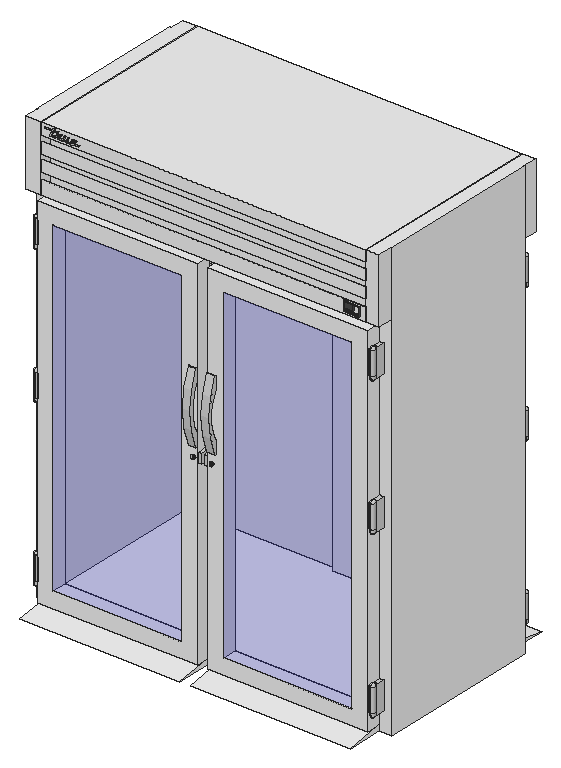
Revit family
Parameters
  Weight in Pounds = 0
  Watts = Volts * FL Amps  # 1092.5 W
  Volts = 115 V
  URL Cutsheet = "www.truemfg.com"
  URL = "www.truemfg.com"
  Type Mark [instance] = ""
  Type Comments = ""
  Status [instance] = ""
  Specification by User [instance] = ""
  Specification by Manufacturer = ""
  Show Logo [instance] = yes
  Show Clearance [instance] = yes
  Serial Number = ""
  Seismic Rating = ""
  SMACNA No = ""
  Revision Code [instance] = ""
  Phase = 1
  Omniclass Number and Title = ""
  Number of Poles [instance] = 1
  NAFEM Spec ID Number = ""
  Model = "STA2RRT-2G-2S"
  Min Ckt Ampacity = 0 A
  Max Overcurrent Protection = 0 A
  Masterspec = ""
  Manufacturer = "TRUE FOOD SERVICE EQUIPMENT, INC."
  Length = 68"
  Item Number [instance] = ""
  Installed By [instance] = ""
  Identify Quantity as Lot [instance] = yes
  Height = 83 3/4"
  HP = "1/2"
  Furnished By [instance] = ""
  Foodservice Equipment Identifier [instance] = yes
  FL Amps = 9.5 A
  Electrical Remarks [instance] = ""
  Electric Connection Type [instance] = ""
  Elec Conn RI Height [instance] = 0"
  Elec Conn Connection Height [instance] = 0"
  Description = "Roll-thru Glass Front/Solid Rear Swing Door Refrigerator"
  Depth = 37 1/2"
  Cycle = 60 Hz
  Conn Plug = "5-15P"
  Conn Conduit = yes
  CSI MasterFormat = ""
  CSI Master Format = ""
  Apparent Power = if(Phase = 3, Volts * FL Amps * 1.73, Volts * FL Amps)  # 1092.5 VA
Reference planes (in)
  plane 1 "BACK": y = 0
  plane 2: z = 0
  plane 3 "LEFT": x = 0
  plane 4 "RIGHT": x = 68
  plane 5 "FRONT": y = -37.5
  plane 6 "TOP": z = 83.75
  plane 7: x = 2.84375
  plane 8: y = -37.4542
  plane 9: x = 34
  plane 10: y = -0.0458
  plane 11: z = 69.90625
Forms (in)
  Extrusion 1, solid, material "QF_Finishes_Chrome - Satin"
    sketch origin (0.05, 0, 0) x (1, 0, 0) y (0, 1, 0)
      loop
        line (-0.05, -2.75) -> (-0.05, -34.75) -> (2.87859, -34.75) -> (2.87859, -2.75) -> (-0.05, -2.75)
    from 0 to 83.75
  Extrusion 2, solid, material "QF_Finishes_Chrome - Satin"
    sketch origin (50.15, 0, 0) x (1, 0, 0) y (0, 1, 0)
      loop
        line (15.15, -2.75) -> (15.15, -34.75) -> (17.85, -34.75) -> (17.85, -2.75) -> (15.15, -2.75)
    from 0 to 83.75
  Extrusion 3, solid, material "QF_Finishes_Chrome - Satin"
    sketch origin (0, 0, 0) x (0, 1, 0) y (0, 0, 1)
      loop
        line (-37.4542, 71.28125) -> (-34.75, 71.28125) -> (-34.75, 68.90625) -> (-2.75, 68.90625) -> (-2.75, 71.28125) -> (-0.0458, 71.28125) -> (-0.0458, 73.94226) -> (-2.25, 72.375) -> (-2.25, 73.65057) -> (-0.0458, 75.21784) -> (-0.0458, 77.31404) -> (-2.25, 75.74678) -> (-2.25, 76.70754) -> (-0.0458, 78.2748) -> (-0.0458, 80.40851) -> (-2.25, 78.84125) -> (-2.25, 79.96352) -> (-0.0458, 81.53078) -> (-0.0458, 83.75) -> (-37.4542, 83.75) -> (-37.4542, 81.53078) -> (-35.25, 79.96352) -> (-35.25, 78.84125) -> (-37.4542, 80.40851) -> (-37.4542, 78.2748) -> (-35.25, 76.70754) -> (-35.25, 75.74678) -> (-37.4542, 77.31404) -> (-37.4542, 75.21784) -> (-35.25, 73.65057) -> (-35.25, 72.375) -> (-37.4542, 73.94226) -> (-37.4542, 71.28125)
      loop
        line (-34.75, 0) -> (-2.75, 0) -> (-2.75, 2) -> (-34.75, 2) -> (-34.75, 0)
    from 2.92859 to 65.3
  Extrusion 4, solid, material "QF_Finishes_Chrome - Satin"
    sketch origin (0, 0, 0) x (1, 0, 0) y (0, 1, 0)
      loop
        line (67.84782, -34.75) -> (65.3, -34.75) -> (65.3, -37.5) -> (67.84782, -37.5) -> (67.84782, -34.75)
      loop
        line (67.84782, -2.75) -> (67.84782, 0) -> (65.3, 0) -> (65.3, -2.75) -> (67.84782, -2.75)
    from 71.28125 to 83.75
  Extrusion 5, solid, material "QF_Finishes_Chrome - Satin"
    sketch origin (-50.125, 0, 0.25) x (1, 0, 0) y (0, 1, 0)
      loop
        line (53.05359, -34.75) -> (50.24109, -34.75) -> (50.24109, -37.5) -> (53.05359, -37.5) -> (53.05359, -34.75)
      loop
        line (53.05359, -2.75) -> (53.05359, 0) -> (50.24109, 0) -> (50.24109, -2.75) -> (53.05359, -2.75)
    from 71.03125 to 83.5
  Extrusion 6, solid, material "QF_Finishes_Handrails and Railings"
    sketch origin (9.34375, -3.83467, -3.5) x (1, 0, 0) y (0, 0, 1)
      loop
        circle (26.4375, 40.0625) r 0.35
      loop
        line (26.47265, 40.33635) -> (26.41715, 40.33635) -> (26.41715, 39.76895) -> (26.47265, 39.76895) -> (26.47265, 40.33635)
    from 33.5 to 33.83066
  Extrusion 7, solid, material "QF_Finishes_Handrails and Railings", visible <- "Show Logo"
    sketch origin (0.33478, -2.68623, 5.13015) x (1, 0, 0) y (0, 0, 1)
      loop
        line (3.46044, 78.08731) -> (3.35478, 77.86073) -> (4.76027, 77.86073)
        arc (4.76027, 77.86073) -> (4.78879, 77.81028) -> (4.76027, 77.75984) r 0.05887
        line (4.76027, 77.75984) -> (4.39369, 76.97372)
        arc (4.39369, 76.97372) -> (4.39051, 76.90091) -> (4.43975, 76.84717) r 0.09523
        line (4.43975, 76.84717) -> (5.33844, 76.84717)
        arc (5.33844, 76.84717) -> (5.45192, 76.88295) -> (5.52436, 76.97735) r 0.19785
        line (5.52436, 76.97735) -> (5.81285, 77.59601) -> (6.0779, 77.59601)
        arc (6.0779, 77.59601) -> (6.14744, 77.57043) -> (6.13737, 77.49703) r 0.05911
        line (6.13737, 77.49703) -> (5.89598, 76.97937)
        arc (5.89598, 76.97937) -> (5.89974, 76.8934) -> (5.97231, 76.84717) r 0.09318
        line (5.97231, 76.84717) -> (6.76198, 76.84717)
        arc (6.76198, 76.84717) -> (6.82249, 76.86919) -> (6.85468, 76.92495) r 0.09412
        arc (6.85468, 76.92495) -> (6.87746, 76.86995) -> (6.93246, 76.84717) r 0.07778
        line (6.93246, 76.84717) -> (7.43246, 76.84717)
        arc (7.43246, 76.84717) -> (7.49022, 76.86265) -> (7.53251, 76.90493) r 0.11552
        arc (7.53251, 76.90493) -> (7.55275, 76.85606) -> (7.60162, 76.83581) r 0.06912
        line (7.60162, 76.83581) -> (8.31225, 76.83581)
        arc (8.31225, 76.83581) -> (8.37034, 76.85988) -> (8.39441, 76.91797) r 0.08216
        arc (8.39441, 76.91797) -> (8.44767, 76.86472) -> (8.52042, 76.84522) r 0.14551
        line (8.52042, 76.84522) -> (9.85158, 76.84522) -> (9.99946, 77.10134) -> (8.65678, 77.10134)
        arc (8.65678, 77.10134) -> (8.61972, 77.12704) -> (8.61834, 77.17211) r 0.05009
        line (8.61834, 77.17211) -> (8.64157, 77.22192)
        arc (8.64157, 77.22192) -> (8.67723, 77.26864) -> (8.73327, 77.28635) r 0.09747
        line (8.73327, 77.28635) -> (9.16485, 77.28635)
        arc (9.16485, 77.28635) -> (9.258, 77.31131) -> (9.32619, 77.3795) r 0.1863
        line (9.32619, 77.3795) -> (9.45119, 77.59601)
        arc (9.45119, 77.59601) -> (9.45119, 77.71157) -> (9.35111, 77.76934) r 0.11556
        line (9.35111, 77.76934) -> (8.89562, 77.76934)
        arc (8.89562, 77.76934) -> (8.7795, 77.74962) -> (8.69849, 77.66412) r 0.18605
        line (8.69849, 77.66412) -> (8.48204, 77.19993)
        arc (8.48204, 77.19993) -> (8.41815, 77.11667) -> (8.31806, 77.08511) r 0.1745
        line (8.31806, 77.08511) -> (7.84559, 77.08511)
        arc (7.84559, 77.08511) -> (7.78903, 77.14684) -> (7.79268, 77.23048) r 0.10939
        line (7.79268, 77.23048) -> (8.04395, 77.76934) -> (7.88403, 77.76934) -> (7.61781, 77.19844)
        arc (7.61781, 77.19844) -> (7.56609, 77.13103) -> (7.48505, 77.10548) r 0.14128
        line (7.48505, 77.10548) -> (7.15925, 77.10548)
        arc (7.15925, 77.10548) -> (7.10419, 77.17723) -> (7.116, 77.26689) r 0.11816
        line (7.116, 77.26689) -> (7.3503, 77.76934) -> (7.18514, 77.76934) -> (6.91546, 77.191)
        arc (6.91546, 77.191) -> (6.85285, 77.12839) -> (6.76733, 77.10548) r 0.17104
        line (6.76733, 77.10548) -> (6.29555, 77.10548)
        arc (6.29555, 77.10548) -> (6.21082, 77.14499) -> (6.20267, 77.23813) r 0.0935
        line (6.20267, 77.23813) -> (6.35774, 77.57069) -> (6.57695, 77.57069)
        arc (6.57695, 77.57069) -> (6.61395, 77.68217) -> (6.69267, 77.76934) r 0.2857
        line (6.69267, 77.76934) -> (5.83605, 77.76934)
        arc (5.83605, 77.76934) -> (5.74086, 77.74824) -> (5.67498, 77.67635) r 0.16212
        line (5.67498, 77.67635) -> (5.44279, 77.17841)
        arc (5.44279, 77.17841) -> (5.3894, 77.12502) -> (5.31647, 77.10548) r 0.14586
        line (5.31647, 77.10548) -> (4.80506, 77.10548)
        arc (4.80506, 77.10548) -> (4.76514, 77.15942) -> (4.77274, 77.22609) r 0.09155
        line (4.77274, 77.22609) -> (5.11018, 77.86073) -> (5.96155, 77.86073) -> (6.06721, 78.08731) -> (5.21584, 78.08731) -> (5.32149, 78.31388) -> (5.01862, 78.31388) -> (4.91297, 78.08731) -> (3.46044, 78.08731)
      loop
        arc (8.83805, 77.56363) -> (8.80119, 77.55375) -> (8.7742, 77.52676) r 0.07373
        line (8.7742, 77.52676) -> (8.75229, 77.45936)
        arc (8.75229, 77.45936) -> (8.76245, 77.43483) -> (8.78699, 77.42466) r 0.0347
        line (8.78699, 77.42466) -> (9.15948, 77.42466)
        arc (9.15948, 77.42466) -> (9.18632, 77.43061) -> (9.20812, 77.44734) r 0.0635
        line (9.20812, 77.44734) -> (9.22624, 77.53122)
        arc (9.22624, 77.53122) -> (9.22091, 77.55368) -> (9.20009, 77.56363) r 0.02676
        line (9.20009, 77.56363) -> (8.83805, 77.56363)
    from 34.76797 to 34.83173
  Extrusion 8, solid, material "QF_Finishes_White"
    sketch origin (-22.74812, -2.7042, -7.90007) x (1, 0, 0) y (0, 0, 1)
      loop
        line (83.81732, 81.35727) -> (83.81732, 79.60996) -> (86.72357, 79.60996) -> (86.72357, 81.35727) -> (83.81732, 81.35727)
    from 34.75 to 34.76797
  Extrusion 9, solid, material "QF_Finishes_Black"
    sketch origin (-22.74812, -2.7042, -7.90007) x (1, 0, 0) y (0, 0, 1)
      loop
        line (86.78607, 81.41977) -> (83.75482, 81.41977) -> (83.75482, 79.54746) -> (86.78607, 79.54746) -> (86.78607, 81.41977)
      loop
        spline (83.95482, 79.87872) -> (83.96333, 79.86254) -> (83.98831, 79.84747) -> (84.02804, 79.83452) -> (84.07982, 79.82459) -> (84.14011, 79.81835) -> (84.20482, 79.81622) -> (84.26952, 79.81835) -> (84.32982, 79.82459) -> (84.38159, 79.83452) -> (84.42132, 79.84747) -> (84.4463, 79.86254) -> (84.45482, 79.87872)
        spline (84.45482, 79.87872) -> (84.4463, 79.89489) -> (84.42132, 79.90997) -> (84.38159, 79.92291) -> (84.32982, 79.93284) -> (84.26952, 79.93909) -> (84.20482, 79.94122) -> (84.14011, 79.93909) -> (84.07982, 79.93284) -> (84.02804, 79.92291) -> (83.98831, 79.90997) -> (83.96333, 79.89489) -> (83.95482, 79.87872)
      loop
        spline (84.65083, 79.87872) -> (84.65935, 79.86254) -> (84.68432, 79.84747) -> (84.72405, 79.83452) -> (84.77583, 79.82459) -> (84.83612, 79.81835) -> (84.90083, 79.81622) -> (84.96553, 79.81835) -> (85.02583, 79.82459) -> (85.07761, 79.83452) -> (85.11734, 79.84747) -> (85.14231, 79.86254) -> (85.15083, 79.87872)
        spline (85.15083, 79.87872) -> (85.14231, 79.89489) -> (85.11734, 79.90997) -> (85.07761, 79.92291) -> (85.02583, 79.93284) -> (84.96553, 79.93909) -> (84.90083, 79.94122) -> (84.83612, 79.93909) -> (84.77583, 79.93284) -> (84.72405, 79.92291) -> (84.68432, 79.90997) -> (84.65935, 79.89489) -> (84.65083, 79.87872)
      loop
        spline (85.40083, 79.87872) -> (85.40935, 79.86254) -> (85.43432, 79.84747) -> (85.47405, 79.83452) -> (85.52583, 79.82459) -> (85.58612, 79.81835) -> (85.65083, 79.81622) -> (85.71553, 79.81835) -> (85.77583, 79.82459) -> (85.82761, 79.83452) -> (85.86734, 79.84747) -> (85.89231, 79.86254) -> (85.90083, 79.87872)
        spline (85.90083, 79.87872) -> (85.89231, 79.89489) -> (85.86734, 79.90997) -> (85.82761, 79.92291) -> (85.77583, 79.93284) -> (85.71553, 79.93909) -> (85.65083, 79.94122) -> (85.58612, 79.93909) -> (85.52583, 79.93284) -> (85.47405, 79.92291) -> (85.43432, 79.90997) -> (85.40935, 79.89489) -> (85.40083, 79.87872)
      loop
        line (83.95481, 81.21978) -> (83.95481, 80.21978) -> (85.65433, 80.21978) -> (85.65433, 81.21978) -> (83.95481, 81.21978)
      loop
        line (86.72357, 81.35727) -> (83.81732, 81.35727) -> (83.81732, 79.60996) -> (86.72357, 79.60996) -> (86.72357, 81.35727)
      loop
        spline (86.15083, 79.87872) -> (86.15935, 79.86254) -> (86.18432, 79.84747) -> (86.22405, 79.83452) -> (86.27583, 79.82459) -> (86.33612, 79.81835) -> (86.40083, 79.81622) -> (86.46553, 79.81835) -> (86.52583, 79.82459) -> (86.57761, 79.83452) -> (86.61734, 79.84747) -> (86.64231, 79.86254) -> (86.65083, 79.87872)
        spline (86.65083, 79.87872) -> (86.64231, 79.89489) -> (86.61734, 79.90997) -> (86.57761, 79.92291) -> (86.52583, 79.93284) -> (86.46553, 79.93909) -> (86.40083, 79.94122) -> (86.33612, 79.93909) -> (86.27583, 79.93284) -> (86.22405, 79.92291) -> (86.18432, 79.90997) -> (86.15935, 79.89489) -> (86.15083, 79.87872)
    from 34.76797 to 34.80335
  Extrusion 10, solid
    sketch origin (-25.125, 0, 0) x (1, 0, 0) y (0, 0, 1)
      loop
        circle (89.875, 81.625) r 0.25
    from 0 to 0.0625
  Blend 11, solid, material "QF_Finishes_Handrails and Railings"
    base sketch origin (60.25, -3.75, -1.5) x (-1, 0, 0) y (0, 0, -1)
      loop
        line (25.25, -38.99169) -> (26, -38.99169) -> (26, -37.24169) -> (25.25, -37.24169) -> (25.25, -38.99169)
    top sketch origin (60.25, 0, -1.5) x (-1, 0, 0) y (0, 0, -1)
      loop
        line (26.18223, -36.6441) -> (25.25, -36.6441) -> (25.25, -39.42643) -> (26.18223, -39.42643) -> (26.18223, -36.6441)
    from 33.57883 to 34.75
  Extrusion 12, solid, material "QF_Finishes_Handrails and Railings"
    sketch origin (66.78125, 0, 2.75) x (0, 1, 0) y (0, 0, -1)
      loop
        line (-34.75, -64.17729) -> (-34.75, -58.86127) -> (-37, -58.86127) -> (-37, -59.57348) -> (-36.56497, -59.57348) -> (-36.56497, -63.97276)
        arc (-36.56497, -63.97276) -> (-36.50506, -64.11738) -> (-36.36044, -64.17729) r 0.20453
        line (-36.36044, -64.17729) -> (-34.75, -64.17729)
    from 0.17506 to 1
  Revolve 13, solid, material "QF_Finishes_Handrails and Railings"
    sketch origin (66.28125, 0, 2.75) x (0, 1, 0) y (0, 0, -1)
      loop
        line (-37.01563, -59.62689) -> (-37.42229, -59.62689) -> (-37.42229, -64.0986)
        arc (-37.42229, -64.0986) -> (-37.28722, -64.35057) -> (-37.01563, -64.43983) r 0.3848
        line (-37.01563, -64.43983) -> (-37.01563, -59.62689)
      loop
        line (-37.01563, -59.57348) -> (-37.01563, -58.67281)
        arc (-37.01563, -58.67281) -> (-37.28264, -58.75883) -> (-37.42229, -59.00212) r 0.38884
        line (-37.42229, -59.00212) -> (-37.42229, -59.57348) -> (-37.01563, -59.57348)
      axis (-37.01563, -58.67281) -> (-37.01563, -64.43983)
    angle from 0 to 360
  Extrusion 14, solid, material "QF_Finishes_Handrails and Railings"
    sketch origin (27.5, -3.82734, 2.7511) x (-1, 0, 0) y (0, 0, -1)
      loop
        line (-38.58509, -64.0986) -> (-38.1875, -64.0986) -> (-38.1875, -59.62579) -> (-38.58509, -59.62579) -> (-38.58509, -64.0986)
    from 32.81497 to 33.59495
  Extrusion 15, solid, material "QF_Finishes_Handrails and Railings"
    sketch origin (66.78125, 0, -24) x (0, 1, 0) y (0, 0, -1)
      loop
        line (-34.75, -64.55229) -> (-34.75, -59.23627) -> (-37, -59.23627) -> (-37, -59.94848) -> (-36.56497, -59.94848) -> (-36.56497, -64.34776)
        arc (-36.56497, -64.34776) -> (-36.50506, -64.49238) -> (-36.36044, -64.55229) r 0.20453
        line (-36.36044, -64.55229) -> (-34.75, -64.55229)
    from 0.17506 to 1
  Revolve 16, solid, material "QF_Finishes_Handrails and Railings"
    sketch origin (66.28125, 0, -24) x (0, 1, 0) y (0, 0, -1)
      loop
        line (-37.01563, -60.00189) -> (-37.42229, -60.00189) -> (-37.42229, -64.4736)
        arc (-37.42229, -64.4736) -> (-37.28722, -64.72557) -> (-37.01563, -64.81483) r 0.3848
        line (-37.01563, -64.81483) -> (-37.01563, -60.00189)
      loop
        line (-37.01563, -59.94848) -> (-37.01563, -59.04781)
        arc (-37.01563, -59.04781) -> (-37.28264, -59.13383) -> (-37.42229, -59.37712) r 0.38884
        line (-37.42229, -59.37712) -> (-37.42229, -59.94848) -> (-37.01563, -59.94848)
      axis (-37.01563, -59.04781) -> (-37.01563, -64.81483)
    angle from 0 to 360
  Extrusion 17, solid, material "QF_Finishes_Handrails and Railings"
    sketch origin (27.5, -3.82734, -23.9989) x (-1, 0, 0) y (0, 0, -1)
      loop
        line (-38.58509, -64.4736) -> (-38.1875, -64.4736) -> (-38.1875, -60.00079) -> (-38.58509, -60.00079) -> (-38.58509, -64.4736)
    from 32.81497 to 33.59495
  Extrusion 18, solid, material "QF_Finishes_Handrails and Railings"
    sketch origin (66.78125, 0, -55.5) x (0, 1, 0) y (0, 0, -1)
      loop
        line (-34.75, -64.55229) -> (-34.75, -59.23627) -> (-37, -59.23627) -> (-37, -59.94848) -> (-36.56497, -59.94848) -> (-36.56497, -64.34776)
        arc (-36.56497, -64.34776) -> (-36.50506, -64.49238) -> (-36.36044, -64.55229) r 0.20453
        line (-36.36044, -64.55229) -> (-34.75, -64.55229)
    from 0.17506 to 1
  Revolve 19, solid, material "QF_Finishes_Handrails and Railings"
    sketch origin (66.28125, 0, -55.5) x (0, 1, 0) y (0, 0, -1)
      loop
        line (-37.01563, -60.00189) -> (-37.42229, -60.00189) -> (-37.42229, -64.4736)
        arc (-37.42229, -64.4736) -> (-37.28722, -64.72557) -> (-37.01563, -64.81483) r 0.3848
        line (-37.01563, -64.81483) -> (-37.01563, -60.00189)
      loop
        line (-37.01563, -59.94848) -> (-37.01563, -59.04781)
        arc (-37.01563, -59.04781) -> (-37.28264, -59.13383) -> (-37.42229, -59.37712) r 0.38884
        line (-37.42229, -59.37712) -> (-37.42229, -59.94848) -> (-37.01563, -59.94848)
      axis (-37.01563, -59.04781) -> (-37.01563, -64.81483)
    angle from 0 to 360
  Extrusion 20, solid, material "QF_Finishes_Handrails and Railings"
    sketch origin (27.5, -3.82734, -55.4989) x (-1, 0, 0) y (0, 0, -1)
      loop
        line (-38.58509, -64.4736) -> (-38.1875, -64.4736) -> (-38.1875, -60.00079) -> (-38.58509, -60.00079) -> (-38.58509, -64.4736)
    from 32.81497 to 33.59495
  Extrusion 21, solid, material "QF_Finishes_Chrome - Satin"
    sketch origin (65.6875, -3.75, 8.03125) x (0, 0, 1) y (0, -1, 0)
      loop
        line (-8.03125, 37.875) -> (-8.03125, 31) -> (-7.03125, 31) -> (-8.03125, 37.875)
    from 0 to -30.6875
  Extrusion 22, solid, material "QF_Finishes_Chrome - Satin"
    sketch origin (59.96875, -3.75, -0.71875) x (-1, 0, 0) y (0, 0, -1)
      loop
        line (26.96875, -1.71875) -> (26.96875, -70.625) -> (57.65625, -70.625) -> (57.65625, -1.71875) -> (26.96875, -1.71875)
      loop
        line (29.96875, -67.625) -> (54.65625, -67.625) -> (54.65625, -4.71875) -> (29.96875, -4.71875) -> (29.96875, -67.625)
      loop
        line (24.96875, -1.71875) -> (-5.71875, -1.71875) -> (-5.71875, -70.625) -> (24.96875, -70.625) -> (24.96875, -1.71875)
      loop
        line (21.96875, -67.625) -> (21.96875, -4.71875) -> (-2.71875, -4.71875) -> (-2.71875, -67.625) -> (21.96875, -67.625)
    from 31 to 33.75
  Extrusion 23, solid, material "QF_Finishes_Handrails and Railings"
    sketch origin (43.83156, -0.25, 92.27893) x (0, 1, 0) y (0, 0, -1)
      loop
        line (-37.25, 53.875) -> (-37.45, 53.875)
        arc (-37.45, 53.875) -> (-38.89405, 47.075) -> (-37.45, 40.275) r 16.7325
        line (-37.45, 40.275) -> (-37.25, 40.275) -> (-37.25, 42.675)
        arc (-37.25, 42.675) -> (-38.40816, 47.075) -> (-37.25, 51.475) r 8.93715
        line (-37.25, 51.475) -> (-37.25, 53.875)
    from 10.87731 to 12.37731
  Extrusion 24, solid, material "QF_Finishes_Handrails and Railings"
    sketch origin (58.65625, -3.83467, -3.5) x (-1, 0, 0) y (0, 0, -1)
      loop
        circle (26.4375, -40.0625) r 0.35
      loop
        line (26.47265, -40.33635) -> (26.47265, -39.76895) -> (26.41715, -39.76895) -> (26.41715, -40.33635) -> (26.47265, -40.33635)
    from 33.5 to 33.83066
  Blend 25, solid, material "QF_Finishes_Handrails and Railings"
    base sketch origin (7.75, -3.75, -1.5) x (1, 0, 0) y (0, 0, 1)
      loop
        line (25.25, 38.99169) -> (25.25, 37.24169) -> (26, 37.24169) -> (26, 38.99169) -> (25.25, 38.99169)
    top sketch origin (7.75, 0, -1.5) x (1, 0, 0) y (0, 0, 1)
      loop
        line (26.18223, 36.6441) -> (26.18223, 39.42643) -> (25.25, 39.42643) -> (25.25, 36.6441) -> (26.18223, 36.6441)
    from 33.57883 to 34.75
  Extrusion 26, solid, material "QF_Finishes_Handrails and Railings"
    sketch origin (1.21875, 0, 2.75) x (0, 1, 0) y (0, 0, 1)
      loop
        line (-34.75, 64.17729) -> (-36.36044, 64.17729)
        arc (-36.36044, 64.17729) -> (-36.50506, 64.11738) -> (-36.56497, 63.97276) r 0.20453
        line (-36.56497, 63.97276) -> (-36.56497, 59.57348) -> (-37, 59.57348) -> (-37, 58.86127) -> (-34.75, 58.86127) -> (-34.75, 64.17729)
    from 0.17506 to 1
  Revolve 27, solid, material "QF_Finishes_Handrails and Railings"
    sketch origin (1.71875, 0, 2.75) x (0, 1, 0) y (0, 0, 1)
      loop
        line (-37.01563, 59.62689) -> (-37.01563, 64.43983)
        arc (-37.01563, 64.43983) -> (-37.28722, 64.35057) -> (-37.42229, 64.0986) r 0.3848
        line (-37.42229, 64.0986) -> (-37.42229, 59.62689) -> (-37.01563, 59.62689)
      loop
        line (-37.01563, 59.57348) -> (-37.42229, 59.57348) -> (-37.42229, 59.00212)
        arc (-37.42229, 59.00212) -> (-37.28264, 58.75883) -> (-37.01563, 58.67281) r 0.38884
        line (-37.01563, 58.67281) -> (-37.01563, 59.57348)
      axis (-37.01563, 58.67281) -> (-37.01563, 64.43983)
    angle from 0 to 360
  Extrusion 28, solid, material "QF_Finishes_Handrails and Railings"
    sketch origin (40.5, -3.82734, 2.7511) x (1, 0, 0) y (0, 0, 1)
      loop
        line (-38.58509, 64.0986) -> (-38.58509, 59.62579) -> (-38.1875, 59.62579) -> (-38.1875, 64.0986) -> (-38.58509, 64.0986)
    from 32.81497 to 33.59495
  Extrusion 29, solid, material "QF_Finishes_Handrails and Railings"
    sketch origin (1.21875, 0, -24) x (0, 1, 0) y (0, 0, 1)
      loop
        line (-34.75, 64.55229) -> (-36.36044, 64.55229)
        arc (-36.36044, 64.55229) -> (-36.50506, 64.49238) -> (-36.56497, 64.34776) r 0.20453
        line (-36.56497, 64.34776) -> (-36.56497, 59.94848) -> (-37, 59.94848) -> (-37, 59.23627) -> (-34.75, 59.23627) -> (-34.75, 64.55229)
    from 0.17506 to 1
  Revolve 30, solid, material "QF_Finishes_Handrails and Railings"
    sketch origin (1.71875, 0, -24) x (0, 1, 0) y (0, 0, 1)
      loop
        line (-37.01563, 60.00189) -> (-37.01563, 64.81483)
        arc (-37.01563, 64.81483) -> (-37.28722, 64.72557) -> (-37.42229, 64.4736) r 0.3848
        line (-37.42229, 64.4736) -> (-37.42229, 60.00189) -> (-37.01563, 60.00189)
      loop
        line (-37.01563, 59.94848) -> (-37.42229, 59.94848) -> (-37.42229, 59.37712)
        arc (-37.42229, 59.37712) -> (-37.28264, 59.13383) -> (-37.01563, 59.04781) r 0.38884
        line (-37.01563, 59.04781) -> (-37.01563, 59.94848)
      axis (-37.01563, 59.04781) -> (-37.01563, 64.81483)
    angle from 0 to 360
  Extrusion 31, solid, material "QF_Finishes_Handrails and Railings"
    sketch origin (40.5, -3.82734, -23.9989) x (1, 0, 0) y (0, 0, 1)
      loop
        line (-38.58509, 64.4736) -> (-38.58509, 60.00079) -> (-38.1875, 60.00079) -> (-38.1875, 64.4736) -> (-38.58509, 64.4736)
    from 32.81497 to 33.59495
  Extrusion 32, solid, material "QF_Finishes_Handrails and Railings"
    sketch origin (1.21875, 0, -55.5) x (0, 1, 0) y (0, 0, 1)
      loop
        line (-34.75, 64.55229) -> (-36.36044, 64.55229)
        arc (-36.36044, 64.55229) -> (-36.50506, 64.49238) -> (-36.56497, 64.34776) r 0.20453
        line (-36.56497, 64.34776) -> (-36.56497, 59.94848) -> (-37, 59.94848) -> (-37, 59.23627) -> (-34.75, 59.23627) -> (-34.75, 64.55229)
    from 0.17506 to 1
  Revolve 33, solid, material "QF_Finishes_Handrails and Railings"
    sketch origin (1.71875, 0, -55.5) x (0, 1, 0) y (0, 0, 1)
      loop
        line (-37.01563, 60.00189) -> (-37.01563, 64.81483)
        arc (-37.01563, 64.81483) -> (-37.28722, 64.72557) -> (-37.42229, 64.4736) r 0.3848
        line (-37.42229, 64.4736) -> (-37.42229, 60.00189) -> (-37.01563, 60.00189)
      loop
        line (-37.01563, 59.94848) -> (-37.42229, 59.94848) -> (-37.42229, 59.37712)
        arc (-37.42229, 59.37712) -> (-37.28264, 59.13383) -> (-37.01563, 59.04781) r 0.38884
        line (-37.01563, 59.04781) -> (-37.01563, 59.94848)
      axis (-37.01563, 59.04781) -> (-37.01563, 64.81483)
    angle from 0 to 360
  Extrusion 34, solid, material "QF_Finishes_Handrails and Railings"
    sketch origin (40.5, -3.82734, -55.4989) x (1, 0, 0) y (0, 0, 1)
      loop
        line (-38.58509, 64.4736) -> (-38.58509, 60.00079) -> (-38.1875, 60.00079) -> (-38.1875, 64.4736) -> (-38.58509, 64.4736)
    from 32.81497 to 33.59495
  Extrusion 35, solid, material "QF_Finishes_Chrome - Satin"
    sketch origin (2.3125, -3.75, 8.03125) x (0, 0, 1) y (0, 1, 0)
      loop
        line (-8.03125, -37.875) -> (-7.03125, -31) -> (-8.03125, -31) -> (-8.03125, -37.875)
    from 0 to -30.6875
  Extrusion 36, solid, material "QF_Finishes_Door Clearance", visible <- "Show Clearance", detail levels coarse
    sketch origin (32.71875, -3.75, 1) x (0, 1, 0) y (1, 0, 0)
      loop
        line (-33.75, -30.40625) -> (-33.75, 0.28125)
        arc (-33.75, 0.28125) -> (-55.44934, -8.70691) -> (-64.4375, -30.40625) r 30.6875
        line (-64.4375, -30.40625) -> (-33.75, -30.40625)
      loop
        line (-33.75, 32.96875) -> (-64.4375, 32.96875)
        arc (-64.4375, 32.96875) -> (-55.44934, 11.26941) -> (-33.75, 2.28125) r 30.6875
        line (-33.75, 2.28125) -> (-33.75, 32.96875)
    from 0 to -68.90625
  Extrusion 37, solid, material "QF_Finishes_Chrome - Satin"
    sketch origin (8.03125, -33.75, -0.71875) x (1, 0, 0) y (0, 0, -1)
      loop
        line (26.96875, -1.71875) -> (26.96875, -70.625) -> (57.65625, -70.625) -> (57.65625, -1.71875) -> (26.96875, -1.71875)
    from 31 to 33.75
  Extrusion 38, solid, material "QF_Finishes_Handrails and Railings"
    sketch origin (91.34375, -37.25, 24.93519) x (-1, 0, 0) y (0, -1, 0)
      loop
        line (53.875, -37.25) -> (51.475, -37.25)
        arc (51.475, -37.25) -> (47.075, -38.40816) -> (42.675, -37.25) r 8.93715
        line (42.675, -37.25) -> (40.275, -37.25) -> (40.275, -37.45)
        arc (40.275, -37.45) -> (47.075, -38.89405) -> (53.875, -37.45) r 16.7325
        line (53.875, -37.45) -> (53.875, -37.25)
    from 10.87731 to 12.37731
  Extrusion 39, solid, material "QF_Finishes_Handrails and Railings"
    sketch origin (9.34375, -33.66533, -3.5) x (1, 0, 0) y (0, 0, -1)
      loop
        circle (26.4375, -40.0625) r 0.35
      loop
        line (26.47265, -40.33635) -> (26.47265, -39.76895) -> (26.41715, -39.76895) -> (26.41715, -40.33635) -> (26.47265, -40.33635)
    from 33.5 to 33.83066
  Blend 40, solid, material "QF_Finishes_Handrails and Railings"
    base sketch origin (60.25, -33.75, -1.5) x (-1, 0, 0) y (0, 0, 1)
      loop
        line (25.25, 38.99169) -> (25.25, 37.24169) -> (26, 37.24169) -> (26, 38.99169) -> (25.25, 38.99169)
    top sketch origin (60.25, -37.5, -1.5) x (-1, 0, 0) y (0, 0, 1)
      loop
        line (26.18223, 36.6441) -> (26.18223, 39.42643) -> (25.25, 39.42643) -> (25.25, 36.6441) -> (26.18223, 36.6441)
    from 33.57883 to 34.75
  Extrusion 41, solid, material "QF_Finishes_Handrails and Railings"
    sketch origin (66.78125, -37.5, 2.75) x (0, -1, 0) y (0, 0, 1)
      loop
        line (-34.75, 64.17729) -> (-36.36044, 64.17729)
        arc (-36.36044, 64.17729) -> (-36.50506, 64.11738) -> (-36.56497, 63.97276) r 0.20453
        line (-36.56497, 63.97276) -> (-36.56497, 59.57348) -> (-37, 59.57348) -> (-37, 58.86127) -> (-34.75, 58.86127) -> (-34.75, 64.17729)
    from 0.17506 to 1
  Revolve 42, solid, material "QF_Finishes_Handrails and Railings"
    sketch origin (66.28125, -37.5, 2.75) x (0, -1, 0) y (0, 0, 1)
      loop
        line (-37.01563, 59.62689) -> (-37.01563, 64.43983)
        arc (-37.01563, 64.43983) -> (-37.28722, 64.35057) -> (-37.42229, 64.0986) r 0.3848
        line (-37.42229, 64.0986) -> (-37.42229, 59.62689) -> (-37.01563, 59.62689)
      loop
        line (-37.01563, 59.57348) -> (-37.42229, 59.57348) -> (-37.42229, 59.00212)
        arc (-37.42229, 59.00212) -> (-37.28264, 58.75883) -> (-37.01563, 58.67281) r 0.38884
        line (-37.01563, 58.67281) -> (-37.01563, 59.57348)
      axis (-37.01563, 58.67281) -> (-37.01563, 64.43983)
    angle from 0 to 360
  Extrusion 43, solid, material "QF_Finishes_Handrails and Railings"
    sketch origin (27.5, -33.67266, 2.7511) x (-1, 0, 0) y (0, 0, 1)
      loop
        line (-38.58509, 64.0986) -> (-38.58509, 59.62579) -> (-38.1875, 59.62579) -> (-38.1875, 64.0986) -> (-38.58509, 64.0986)
    from 32.81497 to 33.59495
  Extrusion 44, solid, material "QF_Finishes_Handrails and Railings"
    sketch origin (66.78125, -37.5, -24) x (0, -1, 0) y (0, 0, 1)
      loop
        line (-34.75, 64.55229) -> (-36.36044, 64.55229)
        arc (-36.36044, 64.55229) -> (-36.50506, 64.49238) -> (-36.56497, 64.34776) r 0.20453
        line (-36.56497, 64.34776) -> (-36.56497, 59.94848) -> (-37, 59.94848) -> (-37, 59.23627) -> (-34.75, 59.23627) -> (-34.75, 64.55229)
    from 0.17506 to 1
  Revolve 45, solid, material "QF_Finishes_Handrails and Railings"
    sketch origin (66.28125, -37.5, -24) x (0, -1, 0) y (0, 0, 1)
      loop
        line (-37.01563, 60.00189) -> (-37.01563, 64.81483)
        arc (-37.01563, 64.81483) -> (-37.28722, 64.72557) -> (-37.42229, 64.4736) r 0.3848
        line (-37.42229, 64.4736) -> (-37.42229, 60.00189) -> (-37.01563, 60.00189)
      loop
        line (-37.01563, 59.94848) -> (-37.42229, 59.94848) -> (-37.42229, 59.37712)
        arc (-37.42229, 59.37712) -> (-37.28264, 59.13383) -> (-37.01563, 59.04781) r 0.38884
        line (-37.01563, 59.04781) -> (-37.01563, 59.94848)
      axis (-37.01563, 59.04781) -> (-37.01563, 64.81483)
    angle from 0 to 360
  Extrusion 46, solid, material "QF_Finishes_Handrails and Railings"
    sketch origin (27.5, -33.67266, -23.9989) x (-1, 0, 0) y (0, 0, 1)
      loop
        line (-38.58509, 64.4736) -> (-38.58509, 60.00079) -> (-38.1875, 60.00079) -> (-38.1875, 64.4736) -> (-38.58509, 64.4736)
    from 32.81497 to 33.59495
  Extrusion 47, solid, material "QF_Finishes_Handrails and Railings"
    sketch origin (66.78125, -37.5, -55.5) x (0, -1, 0) y (0, 0, 1)
      loop
        line (-34.75, 64.55229) -> (-36.36044, 64.55229)
        arc (-36.36044, 64.55229) -> (-36.50506, 64.49238) -> (-36.56497, 64.34776) r 0.20453
        line (-36.56497, 64.34776) -> (-36.56497, 59.94848) -> (-37, 59.94848) -> (-37, 59.23627) -> (-34.75, 59.23627) -> (-34.75, 64.55229)
    from 0.17506 to 1
  Revolve 48, solid, material "QF_Finishes_Handrails and Railings"
    sketch origin (66.28125, -37.5, -55.5) x (0, -1, 0) y (0, 0, 1)
      loop
        line (-37.01563, 60.00189) -> (-37.01563, 64.81483)
        arc (-37.01563, 64.81483) -> (-37.28722, 64.72557) -> (-37.42229, 64.4736) r 0.3848
        line (-37.42229, 64.4736) -> (-37.42229, 60.00189) -> (-37.01563, 60.00189)
      loop
        line (-37.01563, 59.94848) -> (-37.42229, 59.94848) -> (-37.42229, 59.37712)
        arc (-37.42229, 59.37712) -> (-37.28264, 59.13383) -> (-37.01563, 59.04781) r 0.38884
        line (-37.01563, 59.04781) -> (-37.01563, 59.94848)
      axis (-37.01563, 59.04781) -> (-37.01563, 64.81483)
    angle from 0 to 360
  Extrusion 49, solid, material "QF_Finishes_Handrails and Railings"
    sketch origin (27.5, -33.67266, -55.4989) x (-1, 0, 0) y (0, 0, 1)
      loop
        line (-38.58509, 64.4736) -> (-38.58509, 60.00079) -> (-38.1875, 60.00079) -> (-38.1875, 64.4736) -> (-38.58509, 64.4736)
    from 32.81497 to 33.59495
  Extrusion 50, solid, material "QF_Finishes_Chrome - Satin"
    sketch origin (65.6875, -33.75, 8.03125) x (0, 0, 1) y (0, -1, 0)
      loop
        line (-8.03125, -37.875) -> (-7.03125, -31) -> (-8.03125, -31) -> (-8.03125, -37.875)
    from 0 to -30.6875
  Extrusion 51, solid, material "QF_Finishes_Chrome - Satin"
    sketch origin (59.96875, -33.75, -0.71875) x (-1, 0, 0) y (0, 0, 1)
      loop
        line (26.96875, 1.71875) -> (57.65625, 1.71875) -> (57.65625, 70.625) -> (26.96875, 70.625) -> (26.96875, 1.71875)
    from 31 to 33.75
  Extrusion 52, solid, material "QF_Finishes_Handrails and Railings"
    sketch origin (-23.34375, -37.25, 24.93519) x (-1, 0, 0) y (0, -1, 0)
      loop
        line (-53.875, -37.25) -> (-53.875, -37.45)
        arc (-53.875, -37.45) -> (-47.075, -38.89405) -> (-40.275, -37.45) r 16.7325
        line (-40.275, -37.45) -> (-40.275, -37.25) -> (-42.675, -37.25)
        arc (-42.675, -37.25) -> (-47.075, -38.40816) -> (-51.475, -37.25) r 8.93715
        line (-51.475, -37.25) -> (-53.875, -37.25)
    from 10.87731 to 12.37731
  Extrusion 53, solid, material "QF_Finishes_Handrails and Railings"
    sketch origin (58.65625, -33.66533, -3.5) x (-1, 0, 0) y (0, 0, 1)
      loop
        circle (26.4375, 40.0625) r 0.35
      loop
        line (26.47265, 40.33635) -> (26.41715, 40.33635) -> (26.41715, 39.76895) -> (26.47265, 39.76895) -> (26.47265, 40.33635)
    from 33.5 to 33.83066
  Blend 54, solid, material "QF_Finishes_Handrails and Railings"
    base sketch origin (7.75, -33.75, -1.5) x (1, 0, 0) y (0, 0, -1)
      loop
        line (25.25, -38.99169) -> (26, -38.99169) -> (26, -37.24169) -> (25.25, -37.24169) -> (25.25, -38.99169)
    top sketch origin (7.75, -37.5, -1.5) x (1, 0, 0) y (0, 0, -1)
      loop
        line (26.18223, -36.6441) -> (25.25, -36.6441) -> (25.25, -39.42643) -> (26.18223, -39.42643) -> (26.18223, -36.6441)
    from 33.57883 to 34.75
  Extrusion 55, solid, material "QF_Finishes_Handrails and Railings"
    sketch origin (1.21875, -37.5, 2.75) x (0, -1, 0) y (0, 0, -1)
      loop
        line (-34.75, -64.17729) -> (-34.75, -58.86127) -> (-37, -58.86127) -> (-37, -59.57348) -> (-36.56497, -59.57348) -> (-36.56497, -63.97276)
        arc (-36.56497, -63.97276) -> (-36.50506, -64.11738) -> (-36.36044, -64.17729) r 0.20453
        line (-36.36044, -64.17729) -> (-34.75, -64.17729)
    from 0.17506 to 1
  Revolve 56, solid, material "QF_Finishes_Handrails and Railings"
    sketch origin (1.71875, -37.5, 2.75) x (0, -1, 0) y (0, 0, -1)
      loop
        line (-37.01563, -59.62689) -> (-37.42229, -59.62689) -> (-37.42229, -64.0986)
        arc (-37.42229, -64.0986) -> (-37.28722, -64.35057) -> (-37.01563, -64.43983) r 0.3848
        line (-37.01563, -64.43983) -> (-37.01563, -59.62689)
      loop
        line (-37.01563, -59.57348) -> (-37.01563, -58.67281)
        arc (-37.01563, -58.67281) -> (-37.28264, -58.75883) -> (-37.42229, -59.00212) r 0.38884
        line (-37.42229, -59.00212) -> (-37.42229, -59.57348) -> (-37.01563, -59.57348)
      axis (-37.01563, -58.67281) -> (-37.01563, -64.43983)
    angle from 0 to 360
  Extrusion 57, solid, material "QF_Finishes_Handrails and Railings"
    sketch origin (40.5, -33.67266, 2.7511) x (1, 0, 0) y (0, 0, -1)
      loop
        line (-38.58509, -64.0986) -> (-38.1875, -64.0986) -> (-38.1875, -59.62579) -> (-38.58509, -59.62579) -> (-38.58509, -64.0986)
    from 32.81497 to 33.59495
  Extrusion 58, solid, material "QF_Finishes_Handrails and Railings"
    sketch origin (1.21875, -37.5, -24) x (0, -1, 0) y (0, 0, -1)
      loop
        line (-34.75, -64.55229) -> (-34.75, -59.23627) -> (-37, -59.23627) -> (-37, -59.94848) -> (-36.56497, -59.94848) -> (-36.56497, -64.34776)
        arc (-36.56497, -64.34776) -> (-36.50506, -64.49238) -> (-36.36044, -64.55229) r 0.20453
        line (-36.36044, -64.55229) -> (-34.75, -64.55229)
    from 0.17506 to 1
  Revolve 59, solid, material "QF_Finishes_Handrails and Railings"
    sketch origin (1.71875, -37.5, -24) x (0, -1, 0) y (0, 0, -1)
      loop
        line (-37.01563, -60.00189) -> (-37.42229, -60.00189) -> (-37.42229, -64.4736)
        arc (-37.42229, -64.4736) -> (-37.28722, -64.72557) -> (-37.01563, -64.81483) r 0.3848
        line (-37.01563, -64.81483) -> (-37.01563, -60.00189)
      loop
        line (-37.01563, -59.94848) -> (-37.01563, -59.04781)
        arc (-37.01563, -59.04781) -> (-37.28264, -59.13383) -> (-37.42229, -59.37712) r 0.38884
        line (-37.42229, -59.37712) -> (-37.42229, -59.94848) -> (-37.01563, -59.94848)
      axis (-37.01563, -59.04781) -> (-37.01563, -64.81483)
    angle from 0 to 360
  Extrusion 60, solid, material "QF_Finishes_Handrails and Railings"
    sketch origin (40.5, -33.67266, -23.9989) x (1, 0, 0) y (0, 0, -1)
      loop
        line (-38.58509, -64.4736) -> (-38.1875, -64.4736) -> (-38.1875, -60.00079) -> (-38.58509, -60.00079) -> (-38.58509, -64.4736)
    from 32.81497 to 33.59495
  Extrusion 61, solid, material "QF_Finishes_Handrails and Railings"
    sketch origin (1.21875, -37.5, -55.5) x (0, -1, 0) y (0, 0, -1)
      loop
        line (-34.75, -64.55229) -> (-34.75, -59.23627) -> (-37, -59.23627) -> (-37, -59.94848) -> (-36.56497, -59.94848) -> (-36.56497, -64.34776)
        arc (-36.56497, -64.34776) -> (-36.50506, -64.49238) -> (-36.36044, -64.55229) r 0.20453
        line (-36.36044, -64.55229) -> (-34.75, -64.55229)
    from 0.17506 to 1
  Revolve 62, solid, material "QF_Finishes_Handrails and Railings"
    sketch origin (1.71875, -37.5, -55.5) x (0, -1, 0) y (0, 0, -1)
      loop
        line (-37.01563, -60.00189) -> (-37.42229, -60.00189) -> (-37.42229, -64.4736)
        arc (-37.42229, -64.4736) -> (-37.28722, -64.72557) -> (-37.01563, -64.81483) r 0.3848
        line (-37.01563, -64.81483) -> (-37.01563, -60.00189)
      loop
        line (-37.01563, -59.94848) -> (-37.01563, -59.04781)
        arc (-37.01563, -59.04781) -> (-37.28264, -59.13383) -> (-37.42229, -59.37712) r 0.38884
        line (-37.42229, -59.37712) -> (-37.42229, -59.94848) -> (-37.01563, -59.94848)
      axis (-37.01563, -59.04781) -> (-37.01563, -64.81483)
    angle from 0 to 360
  Extrusion 63, solid, material "QF_Finishes_Handrails and Railings"
    sketch origin (40.5, -33.67266, -55.4989) x (1, 0, 0) y (0, 0, -1)
      loop
        line (-38.58509, -64.4736) -> (-38.1875, -64.4736) -> (-38.1875, -60.00079) -> (-38.58509, -60.00079) -> (-38.58509, -64.4736)
    from 32.81497 to 33.59495
  Extrusion 64, solid, material "QF_Finishes_Chrome - Satin"
    sketch origin (2.3125, -33.75, 8.03125) x (0, 0, 1) y (0, 1, 0)
      loop
        line (-8.03125, 37.875) -> (-8.03125, 31) -> (-7.03125, 31) -> (-8.03125, 37.875)
    from 0 to -30.6875
  Extrusion 65, solid, material "QF_Finishes_Door Clearance", visible <- "Show Clearance", detail levels coarse
    sketch origin (32.71875, -33.75, 1) x (0, 1, 0) y (1, 0, 0)
      loop
        line (33.75, -30.40625) -> (64.4375, -30.40625)
        arc (64.4375, -30.40625) -> (55.44934, -8.70691) -> (33.75, 0.28125) r 30.6875
        line (33.75, 0.28125) -> (33.75, -30.40625)
      loop
        line (33.75, 32.96875) -> (33.75, 2.28125)
        arc (33.75, 2.28125) -> (55.44934, 11.26941) -> (64.4375, 32.96875) r 30.6875
        line (64.4375, 32.96875) -> (33.75, 32.96875)
    from 0 to -68.90625
  Extrusion 66, solid, material "Glass"
    sketch origin (59.96875, -3.75, -0.71875) x (-1, 0, 0) y (0, 0, -1)
      loop
        line (29.96875, -67.625) -> (54.65625, -67.625) -> (54.65625, -4.71875) -> (29.96875, -4.71875) -> (29.96875, -67.625)
      loop
        line (21.96875, -67.625) -> (21.96875, -4.71875) -> (-2.71875, -4.71875) -> (-2.71875, -67.625) -> (21.96875, -67.625)
    from 31 to 33.75
  Extrusion 67, solid, material "QF_Finishes_Handrails and Railings"
    sketch origin (24.16844, -0.25, 92.27893) x (0, 1, 0) y (0, 0, 1)
      loop
        line (-37.25, -53.875) -> (-37.25, -51.475)
        arc (-37.25, -51.475) -> (-38.40816, -47.075) -> (-37.25, -42.675) r 8.93715
        line (-37.25, -42.675) -> (-37.25, -40.275) -> (-37.45, -40.275)
        arc (-37.45, -40.275) -> (-38.89405, -47.075) -> (-37.45, -53.875) r 16.7325
        line (-37.45, -53.875) -> (-37.25, -53.875)
    from 10.87731 to 12.37731
  Extrusion 68, solid, material "QF_Finishes_Chrome - Satin"
    sketch origin (0, -37.5, 2) x (0, 1, 0) y (-1, 0, 0)
      loop
        line (3.75, -32) -> (2.75, -32) -> (2.75, -36) -> (3.75, -36) -> (3.75, -32)
      loop
        line (33.75, -32) -> (33.75, -36) -> (34.75, -36) -> (34.75, -32) -> (33.75, -32)
    from 0 to 66.90625
Cuts and joins
  joined: Extrusion 1, Extrusion 2, Extrusion 4, Extrusion 5
Lines and regions (in)
  symbolic lines
    curve 1: line (0, 0, 0) -> (68, 0, 0)
    curve 2: line (0, -37.5, 0) -> (0, 0, 0)
    curve 3: line (68, -37.5, 0) -> (0, -37.5, 0)
    curve 4: line (68, 0, 0) -> (68, -37.5, 0)
    curve 5: line (68, -35.25, 0) -> (0, -35.25, 0)
    curve 10: arc (28.13125, 0, 0) -> (23.73125, 1.15816, 0) -> (19.33125, 0, 0) r 8.93715
    curve 11: arc (16.93125, 0.2, 0) -> (23.73125, 1.64405, 0) -> (30.53125, 0.2, 0) r 16.7325
    curve 12: line (16.93125, 0, 0) -> (16.93125, 0.2, 0)
    curve 13: line (30.53125, 0.2, 0) -> (30.53125, 0, 0)
    curve 14: arc (48.66875, 0, 0) -> (44.26875, 1.15816, 0) -> (39.86875, 0, 0) r 8.93715
    curve 15: arc (37.46875, 0.2, 0) -> (44.26875, 1.64405, 0) -> (51.06875, 0.2, 0) r 16.7325
    curve 16: line (37.46875, 0, 0) -> (37.46875, 0.2, 0)
    curve 17: line (51.06875, 0.2, 0) -> (51.06875, 0, 0)
    curve 22: line (68, -2.25, 0) -> (0, -2.25, 0)
    curve 23: line (31.45425, -39.14405, 0) -> (31.45425, -37.5, 0)
    curve 24: line (32.95425, -37.5, 0) -> (32.95425, -39.14405, 0)
    curve 25: line (31.45425, -39.14405, 0) -> (32.95425, -39.14405, 0)
    curve 26: line (36.54575, -39.14405, 0) -> (36.54575, -37.5, 0)
    curve 27: line (35.04575, -37.5, 0) -> (35.04575, -39.14405, 0)
    curve 28: line (36.54575, -39.14405, 0) -> (35.04575, -39.14405, 0)
  symbolic lines, style "QF_Door Swings", visible <- "Show Clearance", detail levels coarse
    curve 6: line (2.3125, -37.5, 0) -> (2.3125, -68.1875, 0)
    curve 7: arc (33, -37.5, 0) -> (24.01184, -59.19934, 0) -> (2.3125, -68.1875, 0) r 30.6875
    curve 8: arc (65.6875, -68.1875, 0) -> (43.98816, -59.19934, 0) -> (35, -37.5, 0) r 30.6875
    curve 9: line (65.6875, -68.1875, 0) -> (65.6875, -37.5, 0)
    curve 18: line (2.3125, 0, 0) -> (2.3125, 30.6875, 0)
    curve 19: arc (33, 0, 0) -> (24.01184, 21.69934, 0) -> (2.3125, 30.6875, 0) r 30.6875
    curve 20: arc (65.6875, 30.6875, 0) -> (43.98816, 21.69934, 0) -> (35, 0, 0) r 30.6875
    curve 21: line (65.6875, 30.6875, 0) -> (65.6875, 0, 0)
Dimensions and locks (in)
  "Depth": plane 5 "FRONT" to plane 1 "BACK"
  plane 6 "TOP" to level = 83 3/4"  (x2)
  "Length": plane 3 "LEFT" to plane 4 "RIGHT"
  plane 4 "RIGHT" to plane 3 "LEFT" = 68"
  equal spacing: plane 3 "LEFT", plane 9, plane 4 "RIGHT"
  Extrusion 37 sketch curve to Extrusion 37 sketch curve = 30 11/16"
  Extrusion 51 sketch curve to Extrusion 51 sketch curve = 30 11/16"
  plane 11 to level = 69 29/32"
  aligned and locked: level to plane 2
Automatic sketch dimensions
  Extrusion 1 sketch curve to plane 3 "LEFT" = 0"
  plane 7 to Extrusion 1 sketch curve = 0.08484"
  Extrusion 1 sketch curve to plane 5 "FRONT" = 2 3/4"
  plane 1 "BACK" to Extrusion 1 sketch curve = 2 3/4"
  Extrusion 2 sketch curve to plane 4 "RIGHT" = 0"
  Extrusion 2 sketch curve to plane 4 "RIGHT" = 2.7"
  Extrusion 2 sketch curve to plane 5 "FRONT" = 2 3/4"
  plane 1 "BACK" to Extrusion 2 sketch curve = 2 3/4"
  Extrusion 3 sketch curve to plane 8 = 0"  (x4)
  Extrusion 3 sketch curve to level = 0"
  Extrusion 3 sketch curve to plane 10 = 0"  (x4)
  Extrusion 3 sketch curve to plane 6 "TOP" = 0"
  plane 8 to Extrusion 3 sketch curve = 2.2042"
  Extrusion 3 sketch curve to Extrusion 3 sketch curve = 0"  (x3)
  plane 8 to Extrusion 3 sketch curve = 2.7042"
  Extrusion 3 sketch curve to Extrusion 3 sketch curve = 2.7042"
  plane 10 to Extrusion 3 sketch curve = 2.2042"
  Extrusion 3 sketch curve to Extrusion 3 sketch curve = 1/2"
  Extrusion 3 sketch curve to plane 6 "TOP" = 12 15/32"  (x2)
  Extrusion 3 sketch curve to Extrusion 3 sketch curve = 1 3/32"  (x2)
  Extrusion 3 sketch curve to Extrusion 3 sketch curve = 1.27557"  (x4)
  Extrusion 3 sketch curve to Extrusion 3 sketch curve = 0.29169"  (x2)
  Extrusion 3 sketch curve to Extrusion 3 sketch curve = 2.0962"  (x4)
  Extrusion 3 sketch curve to Extrusion 3 sketch curve = 0.96076"  (x4)
  Extrusion 3 sketch curve to Extrusion 3 sketch curve = 2.13371"  (x4)
  Extrusion 3 sketch curve to Extrusion 3 sketch curve = 1.12227"  (x4)
  plane 1 "BACK" to Extrusion 4 sketch curve = 0"
  plane 5 "FRONT" to Extrusion 4 sketch curve = 0"
  Extrusion 4 sketch curve to plane 4 "RIGHT" = 2.7"  (x2)
  Extrusion 4 sketch curve to plane 4 "RIGHT" = 0.15218"  (x2)
  Extrusion 4 sketch curve to plane 5 "FRONT" = 2 3/4"
  Extrusion 4 sketch curve to Extrusion 4 sketch curve = 2 3/4"
  plane 1 "BACK" to Extrusion 5 sketch curve = 0"
  plane 5 "FRONT" to Extrusion 5 sketch curve = 0"
  plane 3 "LEFT" to Extrusion 5 sketch curve = 0.11609"  (x2)
  plane 7 to Extrusion 5 sketch curve = 0.08484"  (x2)
  Extrusion 5 sketch curve to plane 5 "FRONT" = 2 3/4"
  Extrusion 5 sketch curve to Extrusion 5 sketch curve = 2 3/4"
  Extrusion 6 sketch curve to plane 9 = 1.7609"
  Extrusion 6 sketch curve to Extrusion 6 sketch curve = 0.02035"
  Extrusion 6 sketch curve to Extrusion 6 sketch curve = 0.0555"
  level to Extrusion 6 sketch curve = 36.26895"
  Extrusion 6 sketch curve to Extrusion 6 sketch curve = 0.29355"
  Extrusion 6 sketch curve to Extrusion 6 sketch curve = 0.27385"
  plane 7 to Extrusion 7 sketch curve = 0.84582"
  Extrusion 7 sketch curve to Extrusion 7 sketch curve = 0.10565"  (x5)
  Extrusion 7 sketch curve to Extrusion 7 sketch curve = 1.03891"
  Extrusion 7 sketch curve to Extrusion 7 sketch curve = 0.04606"
  Extrusion 7 sketch curve to Extrusion 7 sketch curve = 0.08631"
  Extrusion 7 sketch curve to Extrusion 7 sketch curve = 0.33624"
  Extrusion 7 sketch curve to Extrusion 7 sketch curve = 0.03034"  (x2)
  Extrusion 7 sketch curve to Extrusion 7 sketch curve = 0.29274"
  Extrusion 7 sketch curve to Extrusion 7 sketch curve = 0.03232"
  Extrusion 7 sketch curve to Extrusion 7 sketch curve = 0.04851"
  Extrusion 7 sketch curve to plane 6 "TOP" = 0.53254"
  Extrusion 7 sketch curve to Extrusion 7 sketch curve = 0.1527"
  Extrusion 7 sketch curve to plane 6 "TOP" = 0.30596"
  Extrusion 7 sketch curve to Extrusion 7 sketch curve = 0.19721"
  Extrusion 7 sketch curve to Extrusion 7 sketch curve = 0.4629"
  Extrusion 7 sketch curve to Extrusion 7 sketch curve = 0.02197"
  Extrusion 7 sketch curve to Extrusion 7 sketch curve = 0.12632"
  Extrusion 7 sketch curve to Extrusion 7 sketch curve = 0.18591"
  Extrusion 7 sketch curve to plane 6 "TOP" = 0.94349"
  Extrusion 7 sketch curve to Extrusion 7 sketch curve = 0.2322"
  Extrusion 7 sketch curve to Extrusion 7 sketch curve = 0.13786"
  Extrusion 7 sketch curve to Extrusion 7 sketch curve = 0.00907"
  Extrusion 7 sketch curve to Extrusion 7 sketch curve = 0.01413"
  Extrusion 7 sketch curve to Extrusion 7 sketch curve = 0.37162"
  Extrusion 7 sketch curve to plane 6 "TOP" = 0.75912"
  Extrusion 7 sketch curve to Extrusion 7 sketch curve = 0.12551"
  Extrusion 7 sketch curve to Extrusion 7 sketch curve = 0.07633"
  Extrusion 7 sketch curve to Extrusion 7 sketch curve = 0.08445"
  Extrusion 7 sketch curve to Extrusion 7 sketch curve = 0.25598"
  Extrusion 7 sketch curve to Extrusion 7 sketch curve = 0.01887"
  Extrusion 7 sketch curve to Extrusion 7 sketch curve = 0.04061"
  Extrusion 7 sketch curve to plane 6 "TOP" = 1.38171"
  Extrusion 7 sketch curve to Extrusion 7 sketch curve = 0.0653"
  Extrusion 7 sketch curve to Extrusion 7 sketch curve = 0.08474"
  Extrusion 7 sketch curve to Extrusion 7 sketch curve = 0.00815"
  Extrusion 7 sketch curve to Extrusion 7 sketch curve = 0.22037"
  Extrusion 7 sketch curve to Extrusion 7 sketch curve = 0.21921"
  Extrusion 7 sketch curve to Extrusion 7 sketch curve = 0.11572"
  Extrusion 7 sketch curve to Extrusion 7 sketch curve = 0.46643"
  Extrusion 7 sketch curve to Extrusion 7 sketch curve = 0.00535"
  Extrusion 7 sketch curve to Extrusion 7 sketch curve = 0.09269"
  Extrusion 7 sketch curve to Extrusion 7 sketch curve = 0.09348"
  Extrusion 7 sketch curve to Extrusion 7 sketch curve = 0.14812"
  Extrusion 7 sketch curve to Extrusion 7 sketch curve = 0.07778"
  Extrusion 7 sketch curve to Extrusion 7 sketch curve = 0.20054"
  Extrusion 7 sketch curve to Extrusion 7 sketch curve = 0.04325"
  Extrusion 7 sketch curve to plane 6 "TOP" = 0.8505"  (x2)
  Extrusion 7 sketch curve to Extrusion 7 sketch curve = 0.32433"
  Extrusion 7 sketch curve to Extrusion 7 sketch curve = 0.10233"  (x2)
  Extrusion 7 sketch curve to Extrusion 7 sketch curve = 0.16515"
  Extrusion 7 sketch curve to Extrusion 7 sketch curve = 0.27321"
  Extrusion 7 sketch curve to Extrusion 7 sketch curve = 0.0526"
  Extrusion 7 sketch curve to Extrusion 7 sketch curve = 0.10005"
  Extrusion 7 sketch curve to Extrusion 7 sketch curve = 0.06912"
  Extrusion 7 sketch curve to Extrusion 7 sketch curve = 0.13276"
  Extrusion 7 sketch curve to plane 6 "TOP" = 1.38936"
  Extrusion 7 sketch curve to Extrusion 7 sketch curve = 0.17486"
  Extrusion 7 sketch curve to Extrusion 7 sketch curve = 0.05291"
  Extrusion 7 sketch curve to Extrusion 7 sketch curve = 0.53374"
  Extrusion 7 sketch curve to Extrusion 7 sketch curve = 0.09914"
  Extrusion 7 sketch curve to Extrusion 7 sketch curve = 0.15992"
  Extrusion 7 sketch curve to Extrusion 7 sketch curve = 0.46666"
  Extrusion 7 sketch curve to Extrusion 7 sketch curve = 0.00582"
  Extrusion 7 sketch curve to Extrusion 7 sketch curve = 0.08216"
  Extrusion 7 sketch curve to Extrusion 7 sketch curve = 0.16397"
  Extrusion 7 sketch curve to Extrusion 7 sketch curve = 0.12601"
  Extrusion 7 sketch curve to plane 6 "TOP" = 1.44773"
  Extrusion 7 sketch curve to Extrusion 7 sketch curve = 0.1363"
  Extrusion 7 sketch curve to plane 6 "TOP" = 1.39792"
  Extrusion 7 sketch curve to Extrusion 7 sketch curve = 0.02323"
  Extrusion 7 sketch curve to Extrusion 7 sketch curve = 0.03844"
  Extrusion 7 sketch curve to Extrusion 7 sketch curve = 0.0454"
  Extrusion 7 sketch curve to Extrusion 7 sketch curve = 0.05693"
  Extrusion 7 sketch curve to Extrusion 7 sketch curve = 0.0917"
  Extrusion 7 sketch curve to Extrusion 7 sketch curve = 0.01902"
  Extrusion 7 sketch curve to Extrusion 7 sketch curve = 0.02191"
  Extrusion 7 sketch curve to Extrusion 7 sketch curve = 0.0347"
  Extrusion 7 sketch curve to Extrusion 7 sketch curve = 0.06385"
  Extrusion 7 sketch curve to Extrusion 7 sketch curve = 0.02906"
  Extrusion 7 sketch curve to Extrusion 7 sketch curve = 0.02851"
  Extrusion 7 sketch curve to Extrusion 7 sketch curve = 0.29237"
  Extrusion 7 sketch curve to Extrusion 7 sketch curve = 0.00537"
  Extrusion 7 sketch curve to Extrusion 7 sketch curve = 0.0406"
  Extrusion 7 sketch curve to plane 6 "TOP" = 1.1725"
  Extrusion 7 sketch curve to Extrusion 7 sketch curve = 0.04327"
  Extrusion 7 sketch curve to Extrusion 7 sketch curve = 0.02615"
  Extrusion 7 sketch curve to plane 6 "TOP" = 1.24034"
  Extrusion 7 sketch curve to Extrusion 7 sketch curve = 0.11806"
  Extrusion 7 sketch curve to Extrusion 7 sketch curve = 0.15103"
  Extrusion 7 sketch curve to Extrusion 7 sketch curve = 0.10007"
  Extrusion 7 sketch curve to Extrusion 7 sketch curve = 0.5254"
  Extrusion 7 sketch curve to plane 6 "TOP" = 1.5185"
  Extrusion 7 sketch curve to Extrusion 7 sketch curve = 0.14787"
  Extrusion 7 sketch curve to Extrusion 7 sketch curve = 0.14537"
  Extrusion 7 sketch curve to Extrusion 7 sketch curve = 0.63134"
  Extrusion 7 sketch curve to Extrusion 7 sketch curve = 0.11061"
  Extrusion 7 sketch curve to Extrusion 7 sketch curve = 0.25876"
  Extrusion 7 sketch curve to Extrusion 7 sketch curve = 0.06767"
  Extrusion 7 sketch curve to Extrusion 7 sketch curve = 0.12655"
  Extrusion 7 sketch curve to Extrusion 7 sketch curve = 0.12242"
  Extrusion 7 sketch curve to Extrusion 7 sketch curve = 0.29684"
  Extrusion 7 sketch curve to Extrusion 7 sketch curve = 0.03938"
  Extrusion 7 sketch curve to Extrusion 7 sketch curve = 0.06046"
  Extrusion 7 sketch curve to Extrusion 7 sketch curve = 0.13266"
  Extrusion 7 sketch curve to Extrusion 7 sketch curve = 0.14279"
  Extrusion 7 sketch curve to Extrusion 7 sketch curve = 0.07293"
  Extrusion 7 sketch curve to Extrusion 7 sketch curve = 0.07764"
  Extrusion 7 sketch curve to Extrusion 7 sketch curve = 0.03794"
  Extrusion 7 sketch curve to Extrusion 7 sketch curve = 0.08552"
  Extrusion 7 sketch curve to Extrusion 7 sketch curve = 0.09296"
  Extrusion 7 sketch curve to Extrusion 7 sketch curve = 0.02781"
  Extrusion 7 sketch curve to Extrusion 7 sketch curve = 0.04799"
  Extrusion 7 sketch curve to Extrusion 7 sketch curve = 0.03054"
  Extrusion 7 sketch curve to Extrusion 7 sketch curve = 0.2589"
  Extrusion 7 sketch curve to Extrusion 7 sketch curve = 0.0674"
  Extrusion 7 sketch curve to Extrusion 7 sketch curve = 0.0324"
  Extrusion 7 sketch curve to Extrusion 7 sketch curve = 0.26185"
  Extrusion 7 sketch curve to Extrusion 7 sketch curve = 11/256"
  Extrusion 7 sketch curve to Extrusion 7 sketch curve = 0.07366"
  Extrusion 7 sketch curve to Extrusion 7 sketch curve = 0.02187"
  Extrusion 7 sketch curve to Extrusion 7 sketch curve = 0.06479"
  Extrusion 7 sketch curve to Extrusion 7 sketch curve = 0.05778"
  Extrusion 7 sketch curve to Extrusion 7 sketch curve = 0.32747"
  Extrusion 7 sketch curve to Extrusion 7 sketch curve = 0.05045"
  Extrusion 7 sketch curve to Extrusion 7 sketch curve = 29/128"
  Extrusion 8 sketch curve to plane 4 "RIGHT" = 6.9308"
  Extrusion 8 sketch curve to Extrusion 8 sketch curve = 2 29/32"
  Extrusion 8 sketch curve to plane 6 "TOP" = 12.04011"
  Extrusion 8 sketch curve to Extrusion 8 sketch curve = 1.74732"
  Extrusion 9 sketch curve to plane 4 "RIGHT" = 6.9933"
  Extrusion 9 sketch curve to Extrusion 9 sketch curve = 1/16"  (x4)
  Extrusion 9 sketch curve to Extrusion 9 sketch curve = 0.1375"  (x3)
  Extrusion 9 sketch curve to Extrusion 9 sketch curve = 1/4"  (x4)
  Extrusion 9 sketch curve to Extrusion 9 sketch curve = 0.44601"
  Extrusion 9 sketch curve to Extrusion 9 sketch curve = 1/2"  (x2)
  Extrusion 9 sketch curve to Extrusion 9 sketch curve = 0.0035"
  Extrusion 9 sketch curve to Extrusion 9 sketch curve = 1.06923"
  Extrusion 9 sketch curve to plane 6 "TOP" = 12.10261"
  Extrusion 9 sketch curve to Extrusion 9 sketch curve = 0.26876"  (x2)
  Extrusion 9 sketch curve to Extrusion 9 sketch curve = 0"  (x2)
  Extrusion 9 sketch curve to Extrusion 9 sketch curve = 0.34106"
  Extrusion 9 sketch curve to Extrusion 9 sketch curve = 1"
  Extrusion 10 sketch curve to plane 4 "RIGHT" = 3 1/4"
  Extrusion 10 sketch curve to plane 6 "TOP" = 2 1/8"
  Blend 11 sketch curve to plane 9 = 1"
  Blend 11 sketch curve to plane 9 = 1/4"
  level to Blend 11 sketch curve = 37.49169"
  Blend 11 sketch curve to Blend 11 sketch curve = 1 3/4"
  plane 9 to Blend 11 sketch curve = 1"
  plane 9 to Blend 11 sketch curve = 0.06777"
  Blend 11 sketch curve to level = 35.1441"
  Blend 11 sketch curve to Blend 11 sketch curve = 2.78233"
